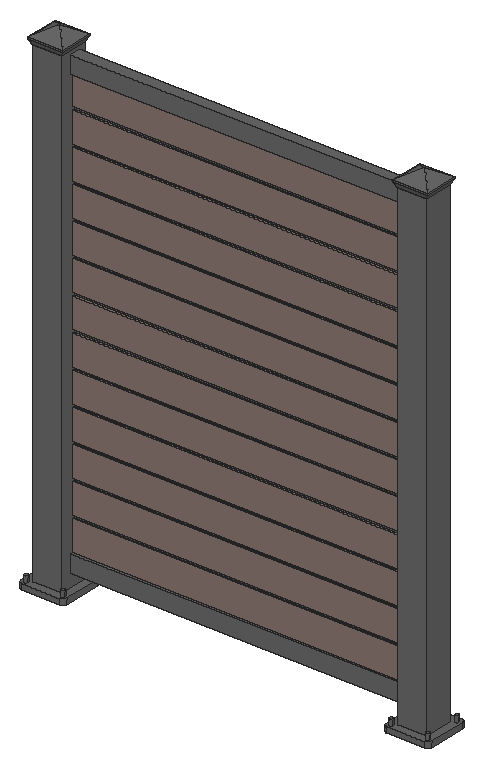
Revit family "Screen_Wall-CityScapes-Covrit", category Specialty Equipment, Revit 2026
Family settings
  Round Connector Dimension = Use Diameter
  Part Type = Normal
  Work Plane-Based = No
  Enable Cutting in Views = No
  Always vertical = Yes
  Cut with Voids When Loaded = No
  Maintain Annotation Orientation = No
  Shared = No
  Room Calculation Point = No
Parameters (values of type "7' Height")
  Width = 66"
  URL = "https://cityscapesinc.com/"
  Square Posts Material [instance] = Aluminum - CityScapes - Electric Black
  Specification = "https://www.arcat.com/company/cityscapes-international-inc-40042/spec"
  Product Page URL = "https://www.arcat.com/arcatcos/cos40/arc40042.html"
  Post Height = Square_Post-Covrit-CityScapes : Square Post 7'
  Panel Material [instance] = PVC Board - CityScapes - Plankwall - Sequoia
  Model = "Covrit Dumpster Walls"  # constant formula
  Manufacturer = "CityScapes"  # constant formula
  Keynote = "32 35 00 "
  Height = 84"
  Frame Material [instance] = Aluminum - CityScapes - Electric Black
  Description = "Screen Wall"  # constant formula
  Default Elevation = 0"
  Copyright = "© 2023 ARCAT"  # constant formula
  CAD Details = "https://www.arcat.com/company/cityscapes-international-inc-40042/cad"
Types (3): name | Post Height | Height
  6' Height | Square_Post-Covrit-CityScapes : Square Post 6' | 72"
  7' Height | Square_Post-Covrit-CityScapes : Square Post 7' | 84"
  8' Height | Square_Post-Covrit-CityScapes : Square Post 8' | 96"
Reference planes (in)
  plane 1 "Center (Front/Back)": y = 0
  plane 2: z = 0
  plane 3 "Center (Left/Right)": x = 0
  plane 4: x = 33
  plane 5: x = -33
  plane 6: z = 87.5
  plane 7: z = 3.5
Dimensions and locks (in)
  "Width": plane 5 to plane 4
  equal spacing: plane 5, plane 3 "Center (Left/Right)", plane 4
  plane 6 to plane 2 = 87 1/2"
  locked: plane 7 to plane 2 at 3.5
  "Height": plane 6 to plane 7
  aligned and locked: plane 2 to level
  aligned and locked: plane 4 to nested 1
  aligned and locked: nested 1 to plane 2
  aligned and locked: plane 2 to nested 1
  aligned and locked: plane 1 "Center (Front/Back)" to nested 2
  aligned and locked: plane 1 "Center (Front/Back)" to nested 1
  aligned and locked: plane 5 to nested 2
  aligned and locked: nested 3 to plane 3 "Center (Left/Right)"
  aligned and locked: plane 1 "Center (Front/Back)" to nested 3
Nested families (in)
  nested 1: "Square_Post-Covrit-CityScapes" at (33, 0, 0), type <- "Post Height", type "Square Post 7'"
  nested 2: "Square_Post-Covrit-CityScapes" at (-33, 0, 0), type <- "Post Height", type "Square Post 7'"
  nested 3: "Panel-Covrit-CityScapes" at (0, 1.03125, 3.5) x (0, -1, 0) z (0, 0, 1), FRAME MATERIAL <- "Frame Material", MATERIAL <- "Panel Material", type "Panel"
    with Panel_Length 60.73687", MATERIAL PVC Board - CityScapes - Plankwall - Sequoia, FRAME MATERIAL Aluminum - CityScapes - Electric Black, Planks Qunatity Aux 13, Planks Quantity 14, Panel_Height 84", Gap Between Planks 6 1/2"
Definition of nested family "Square_Post-Covrit-CityScapes"
  Parameters (values of type "Square Post 7'")
    TPost_Height = 88"
    Post_DIM = 8.2682"
    Post Material = none
    Default Elevation = 0"
  Types (3): name | TPost_Height | Post_DIM
    Square Post 6' | 76" | 8.26536"
    Square Post 7' | 88" | 8.2682"
    Square Post 8' | 100" | 8.2682"
  Reference planes (in)
    plane 1 "Center (Front/Back)": y = 0
    plane 2: z = 0
    plane 3 "Center (Left/Right)": x = 0
    plane 4: x = 4.1341
    plane 5: y = 4.1341
    plane 6: y = -4.1341
    plane 7: x = -4.1341
    plane 8: z = 88
  Forms (in)
    Extrusion 1, solid, material <- "Post Material"
      sketch origin (0, 0, 0) x (1, 0, 0) y (0, 1, 0)
        loop
          line (2.63157, 2.50517) -> (-2.63157, 2.50517) -> (-2.63157, -2.63015) -> (2.63157, -2.63015) -> (2.63157, 2.50517)
      from 0 to 88
    Sweep 2, solid, material <- "Post Material"
      path in 3D
        loop
          line (-2.63157, 2.50517, 88) -> (-2.63157, -2.63015, 88) -> (2.63157, -2.63015, 88) -> (2.63157, 2.50517, 88) -> (-2.63157, 2.50517, 88)
      profile origin (0, 2.50517, 88) x (0, -1, 0) y (0, 0, 1)
        loop
          line (0, 0) -> (0, 0.0625) -> (-0.5, 0.92853) -> (-0.5, 1.1985) -> (2.50517, 2.93353) -> (2.50517, 2.96962) -> (-0.53125, 1.21654) -> (-0.53125, 0.92015) -> (0, 0)
    Extrusion 3, solid, material <- "Post Material"
      sketch origin (0, 0, 0) x (1, 0, 0) y (0, 1, 0)
        loop
          line (4.1341, -3.43396) -> (4.1341, 3.43396)
          arc (4.1341, 3.43396) -> (3.92903, 3.92903) -> (3.43396, 4.1341) r 0.70014
          line (3.43396, 4.1341) -> (-3.43396, 4.1341)
          arc (-3.43396, 4.1341) -> (-3.92903, 3.92903) -> (-4.1341, 3.43396) r 0.70014
          line (-4.1341, 3.43396) -> (-4.1341, -3.43396)
          arc (-4.1341, -3.43396) -> (-3.92903, -3.92903) -> (-3.43396, -4.1341) r 0.70014
          line (-3.43396, -4.1341) -> (3.43396, -4.1341)
          arc (3.43396, -4.1341) -> (3.92903, -3.92903) -> (4.1341, -3.43396) r 0.70014
      from 0 to 1
    Extrusion 4, solid, material <- "Post Material"
      sketch origin (0, 0, 0) x (1, 0, 0) y (0, 1, 0)
        loop
          circle (-3.38236, 3.27648) r 0.32836
        loop
          circle (3.29243, 3.27648) r 0.32836
        loop
          circle (3.29243, -3.27648) r 0.32836
        loop
          circle (-3.38236, -3.27648) r 0.32836
      from 0 to 2
  Cuts and joins
    joined: Extrusion 1, Sweep 2, Extrusion 3, Extrusion 4
  Lines and regions (in)
    sketch lines
      curve 1: line (2.63157, 2.50517, 88) -> (-2.63157, 2.50517, 88)
      curve 2: line (2.63157, -2.63015, 88) -> (2.63157, 2.50517, 88)
      curve 3: line (-2.63157, -2.63015, 88) -> (2.63157, -2.63015, 88)
      curve 4: line (-2.63157, 2.50517, 88) -> (-2.63157, -2.63015, 88)
  Dimensions and locks (in)
    "Post_DIM": plane 5 to plane 6
    "Post_DIM": plane 7 to plane 4
    "TPost_Height": plane 8 to plane 2
    equal spacing: cut or joined group of Extrusion 1, Sweep 2, Extrusion 3, Extrusion 4, plane 3 "Center (Left/Right)", cut or joined group of Extrusion 1, Sweep 2, Extrusion 3, Extrusion 4
    equal spacing: plane 7, plane 3 "Center (Left/Right)", plane 4
    aligned and locked: plane 2 to level
    aligned and locked: plane 8 to Extrusion 1
    aligned and locked: Extrusion 1 to plane 2
    aligned and locked: Sweep 2 sketch curve to profile plane
    aligned and locked: cut or joined group of Extrusion 1, Sweep 2, Extrusion 3, Extrusion 4 to plane 7
    aligned and locked: plane 4 to cut or joined group of Extrusion 1, Sweep 2, Extrusion 3, Extrusion 4
  Automatic sketch dimensions
    Extrusion 3 sketch curve to plane 6 = 0"
    Extrusion 3 sketch curve to plane 5 = 0"
    Extrusion 3 sketch curve to plane 4 = 0"
    Extrusion 3 sketch curve to plane 4 = 0.70014"  (x2)
    plane 7 to Extrusion 3 sketch curve = 0.70014"  (x2)
    plane 7 to Extrusion 3 sketch curve = 0"
    plane 7 to Extrusion 4 sketch curve = 0.75175"  (x2)
    Extrusion 4 sketch curve to plane 5 = 0.85762"  (x2)
    Extrusion 4 sketch curve to Extrusion 4 sketch curve = 0.32836"  (x4)
    Extrusion 4 sketch curve to plane 4 = 0.84167"  (x2)
    plane 6 to Extrusion 4 sketch curve = 0.85762"  (x2)
    Extrusion 4 sketch curve to Extrusion 4 sketch curve = 0"  (x2)
    plane 7 to Extrusion 1 sketch curve = 1.50253"
    plane 6 to Extrusion 1 sketch curve = 1.50395"
    Extrusion 1 sketch curve to plane 4 = 1.50253"
    Extrusion 1 sketch curve to plane 5 = 1.62893"
    Sweep 2 sketch curve to profile plane = 0"
    profile plane to Sweep 2 sketch curve = 1/2"
    Sweep 2 sketch curve to Sweep 2 sketch curve = 1/32"
    profile plane to Sweep 2 sketch curve = 1/16"
    profile plane to Sweep 2 sketch curve = 0.92015"
    Sweep 2 sketch curve to Sweep 2 sketch curve = 0.00837"
    Sweep 2 sketch curve to Sweep 2 sketch curve = 0.26997"
    Sweep 2 sketch curve to Sweep 2 sketch curve = 0.01804"
    Sweep 2 sketch curve to profile plane = 2.50517"
    Sweep 2 sketch curve to Sweep 2 sketch curve = 1.73504"
    Sweep 2 sketch curve to Sweep 2 sketch curve = 0.03608"
Definition of nested family "Panel-Covrit-CityScapes"
  Parameters (values of type "Covrit Panel")
    Planks Qunatity Aux = (Panel_Height - (3 1/8" * 2) - Gap Between Planks) / 5 1/2"  # 15
    Planks Quantity = (Panel_Height - (3 1/8" * 2)) / 5 1/2"  # 16
    Trim_Depth = 23/32"
    SOLID PANEL DEPTH = 1"
    Profile_Height = 5 1/2"  # constant formula
    Panel_Length [instance] = 72"
    Panel_Height = 96"
    MATERIAL [instance] = none
    Gap Between Planks = (Planks Quantity - 1) * 1/2"  # 7 1/2"
    FRAME WIDTH = 3 1/8"  # constant formula
    FRAME MATERIAL [instance] = none
    FRAME DEPTH = 2"  # constant formula
    Description = ""
    Default Elevation = 0"
  Reference planes (in)
    plane 1 "Center (Front/Back)": y = 0
    plane 2: z = 0
    plane 3 "Center (Left/Right)": x = 0
    plane 4 "FrameLeft": y = 36
    plane 5 "FrameRight": y = -36
    plane 6 "top": z = 96
    plane 7 "framebottom": z = 92.875
    plane 8: z = 3.125
    plane 9: z = 48
    plane 10: x = 1.03125
    plane 11: x = 2
  Forms (in)
    Extrusion 1, solid, material <- "FRAME MATERIAL"
      sketch origin (0, 0, 0) x (0, 1, 0) y (0, 0, 1)
        loop
          line (36, 0) -> (36, 3.125) -> (-36, 3.125) -> (-36, 0) -> (36, 0)
        loop
          line (36, 96) -> (-36, 96) -> (-36, 92.875) -> (36, 92.875) -> (36, 96)
      from 0 to 2
    Extrusion 2, solid
      sketch origin (0, 0, 0) x (1, 0, 0) y (0, 0, 1)
        loop
          line (1.09375, 3.125) -> (1.09375, 92.875) -> (0.96875, 92.875) -> (0.96875, 3.125) -> (1.09375, 3.125)
      from -36 to 36
  Text (in)
    text "EXTERIOR" at (58.92048, 7.19966, 0), in view "Ref. Level"
    text "EXTERIOR" at (58.92048, 7.19966, 0), in view "Ref. Level Copy 1"
    text "EXTERIOR" at (40.89755, 0, 33.52979), in view "Side"
  Dimensions and locks (in)
    "Panel_Length": plane 4 "FrameLeft" to plane 5 "FrameRight"
    equal spacing: plane 4 "FrameLeft", plane 1 "Center (Front/Back)", plane 5 "FrameRight"  (x2)
    "FRAME WIDTH": plane 6 "top" to plane 7 "framebottom"
    "FRAME WIDTH": plane 8 to plane 2
    plane 4 "FrameLeft" to plane 5 "FrameRight" = 72"  (x2)
    equal spacing: plane 6 "top", plane 9, plane 2
    "Panel_Height": plane 6 "top" to plane 2
    plane 6 "top" to plane 2 = 96"
    equal spacing: group 1, group 3, group 4, group 5, group 6, group 7, group 8, group 9, group 10, group 11, group 12, group 13, group 14, group 15, group 2  (x3)
    "FRAME DEPTH": plane 11 to plane 3 "Center (Left/Right)"
    Extrusion 2 sketch curve to plane 10 to Extrusion 2 sketch curve = 1/16" locked, 1/16" locked
    aligned and locked: plane 2 to level
    aligned and locked: plane 4 "FrameLeft" to Extrusion 1 sketch curve
    aligned and locked: plane 6 "top" to Extrusion 1 sketch curve
    aligned and locked: plane 5 "FrameRight" to Extrusion 1 sketch curve
    aligned and locked: plane 2 to Extrusion 1 sketch curve
    aligned and locked: plane 7 "framebottom" to Extrusion 1 sketch curve
    aligned and locked: Extrusion 1 sketch curve to plane 8
    aligned and locked: Extrusion 1 to plane 3 "Center (Left/Right)"
    aligned and locked: nested 1 to plane 4 "FrameLeft"
    aligned and locked: nested 1 to plane 8
    aligned and locked: plane 10 to nested 1
    aligned and locked: plane 7 "framebottom" to nested 2
    aligned and locked: plane 10 to nested 2
    aligned and locked: plane 11 to Extrusion 1
    aligned and locked: plane 8 to Extrusion 2 sketch curve
    aligned and locked: Extrusion 2 sketch curve to plane 7 "framebottom"
    aligned and locked: plane 4 "FrameLeft" to Extrusion 2
    aligned and locked: Extrusion 2 to plane 5 "FrameRight"
  Automatic sketch dimensions
    Extrusion 1 sketch curve to plane 5 "FrameRight" = 0"
    Extrusion 1 sketch curve to plane 4 "FrameLeft" = 0"
  Nested families (in)
    nested 1: "PANEL TRIM" at (1.03125, 0, 3.125), MATERIAL <- "MATERIAL", type "PANEL TRIM"
      with Profile_Length 72", Profile_Height 5 1/2"
    nested 2: "PANEL TRIM" at (1.03125, 0, 87.375), MATERIAL <- "MATERIAL", type "PANEL TRIM"
      with Profile_Length 72", Profile_Height 5 1/2"
    nested 3: "PANEL TRIM" at (1.03125, 0, 9.14286), MATERIAL <- "MATERIAL", type "PANEL TRIM"
      with Profile_Length 72", Profile_Height 5 1/2"
    nested 4: "PANEL TRIM" at (1.03125, 0, 15.16071), MATERIAL <- "MATERIAL", type "PANEL TRIM"
      with Profile_Length 72", Profile_Height 5 1/2"
    nested 5: "PANEL TRIM" at (1.03125, 0, 21.17857), MATERIAL <- "MATERIAL", type "PANEL TRIM"
      with Profile_Length 72", Profile_Height 5 1/2"
    nested 6: "PANEL TRIM" at (1.03125, 0, 27.19643), MATERIAL <- "MATERIAL", type "PANEL TRIM"
      with Profile_Length 72", Profile_Height 5 1/2"
    nested 7: "PANEL TRIM" at (1.03125, 0, 33.21429), MATERIAL <- "MATERIAL", type "PANEL TRIM"
      with Profile_Length 72", Profile_Height 5 1/2"
    nested 8: "PANEL TRIM" at (1.03125, 0, 39.23214), MATERIAL <- "MATERIAL", type "PANEL TRIM"
      with Profile_Length 72", Profile_Height 5 1/2"
    nested 9: "PANEL TRIM" at (1.03125, 0, 45.25), MATERIAL <- "MATERIAL", type "PANEL TRIM"
      with Profile_Length 72", Profile_Height 5 1/2"
    nested 10: "PANEL TRIM" at (1.03125, 0, 51.26786), MATERIAL <- "MATERIAL", type "PANEL TRIM"
      with Profile_Length 72", Profile_Height 5 1/2"
    nested 11: "PANEL TRIM" at (1.03125, 0, 57.28571), MATERIAL <- "MATERIAL", type "PANEL TRIM"
      with Profile_Length 72", Profile_Height 5 1/2"
    nested 12: "PANEL TRIM" at (1.03125, 0, 63.30357), MATERIAL <- "MATERIAL", type "PANEL TRIM"
      with Profile_Length 72", Profile_Height 5 1/2"
    nested 13: "PANEL TRIM" at (1.03125, 0, 69.32143), MATERIAL <- "MATERIAL", type "PANEL TRIM"
      with Profile_Length 72", Profile_Height 5 1/2"
    nested 14: "PANEL TRIM" at (1.03125, 0, 75.33929), MATERIAL <- "MATERIAL", type "PANEL TRIM"
      with Profile_Length 72", Profile_Height 5 1/2"
    nested 15: "PANEL TRIM" at (1.03125, 0, 81.35714), MATERIAL <- "MATERIAL", type "PANEL TRIM"
      with Profile_Length 72", Profile_Height 5 1/2"
  Definition of nested family "PANEL TRIM"
    Parameters (values of type "PANEL TRIM")
      Profile_Length = 66"
      Profile_Height = 5"
      Profile_Depth = 23/32"
      MATERIAL [instance] = none
      Default Elevation = 0"
    Reference planes (in)
      plane 1 "Center (Front/Back)": y = 0
      plane 2: z = 0
      plane 3 "Center (Left/Right)": x = 0
      plane 4: z = 5
      plane 5: y = 33
      plane 6: y = -33
    Forms (in)
      Extrusion 1, solid, material <- "MATERIAL"
        sketch origin (-0.35938, 0, 0) x (1, 0, 0) y (0, 1, 0)
          loop
            line (-0.14062, 33) -> (-0.14062, -33) -> (0.85938, -33) -> (0.85938, 33) -> (-0.14062, 33)
        from 0 to 5
    Dimensions and locks (in)
      equal spacing: plane 6, plane 1 "Center (Front/Back)", plane 5
      "Profile_Length": plane 6 to plane 5
      "Profile_Height": plane 4 to plane 2
      aligned and locked: plane 2 to level
      aligned and locked: plane 5 to Extrusion 1 sketch curve
      aligned and locked: Extrusion 1 sketch curve to plane 6
      aligned and locked: plane 4 to Extrusion 1
      aligned and locked: Extrusion 1 to plane 2
    Automatic sketch dimensions
      Extrusion 1 sketch curve to plane 3 "Center (Left/Right)" = 1/2"
      plane 3 "Center (Left/Right)" to Extrusion 1 sketch curve = 1/2"
